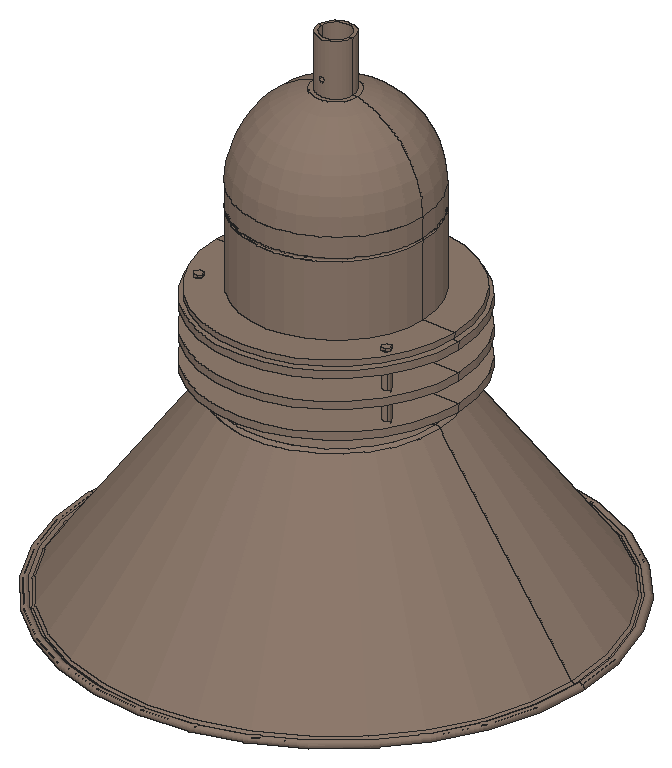
Revit family "BVA2407", category Generic Models, Revit 2014
Parameters
  GLASS = Glass
  DETAIL = Bronze, Architectural
  BELL = Bronze, Architectural
Reference planes (in)
  plane 1 "Center (Front/Back)": y = 0
  plane 2: z = 0
  plane 3 "Center (Left/Right)": x = 0
Forms (in)
  Revolve 1, solid, material "Bronze, Architectural" <- "BELL"
    sketch origin (0, 0, 2.58382) x (1, 0, 0) y (0, 0, 1)
      loop
        line (-0.69, 19.49004) -> (-1.0625, 19.49004)
        arc (-1.0625, 19.49004) -> (-3.35992, 17.97758) -> (-4.25, 15.375) r 4.25
        line (-4.25, 15.375) -> (-4.25, 14.4375)
        arc (-4.25, 14.4375) -> (-4.21143, 14.375) -> (-4.25, 14.3125) r 0.06992
        line (-4.25, 14.3125) -> (-4.25, 10.875) -> (-4.125, 10.875) -> (-4.125, 14.2586)
        arc (-4.125, 14.2586) -> (-4.08643, 14.375) -> (-4.125, 14.4914) r 0.19492
        line (-4.125, 14.4914) -> (-4.125, 15.375)
        arc (-4.125, 15.375) -> (-3.26592, 17.8948) -> (-1.0465, 19.36504) r 4.125
        line (-1.0465, 19.36504) -> (-0.69, 19.36504) -> (-0.69, 19.49004)
      axis (0, 19.49004) -> (0, 10.875)
    angle from 0 to 360
  Revolve 2, solid, material "Bronze, Architectural" <- "BELL"
    sketch origin (0, 0, 2.58382) x (1, 0, 0) y (0, 0, 1)
      loop
        line (-4.125, 10.875) -> (-5.8125, 10.875) -> (-5.8125, 10.625) -> (-4.125, 10.625) -> (-4.125, 10.875)
      axis (0, 10.875) -> (0, 10.625)
    angle from 0 to 360
  Revolve 3, solid, material "Bronze, Architectural" <- "DETAIL"
    sketch origin (0, 0, 2.58382) x (1, 0, 0) y (0, 0, 1)
      loop
        line (-4.02812, 10.53125) -> (-6, 10.53125) -> (-6, 10.1875) -> (-4.02812, 10.1875) -> (-4.02812, 10.53125)
      loop
        line (-4.02812, 9.1875) -> (-6, 9.1875) -> (-6, 8.84375) -> (-4.02812, 8.84375) -> (-4.02812, 9.1875)
      loop
        line (-4.02812, 7.84375) -> (-6, 7.84375) -> (-6, 7.5) -> (-4.02812, 7.5) -> (-4.02812, 7.84375)
      axis (0, 10.53125) -> (0, 7.5)
    angle from 0 to 360
  Revolve 4, solid, material "Bronze, Architectural" <- "DETAIL"
    sketch origin (0, 0, 2.58382) x (0, -1, 0) y (0, 0, 1)
      loop
        line (-5.28051, 7.5) -> (-5.28051, 10.875) -> (-5.46801, 10.875) -> (-5.46801, 7.5) -> (-5.28051, 7.5)
      axis (-5.28051, 10.875) -> (-5.28051, 7.5)
    angle from 0 to 360
  Revolve 5, solid, material "Bronze, Architectural" <- "BELL"
    sketch origin (0, 0, 2.58382) x (1, 0, 0) y (0, 0, 1)
      loop
        line (-0.83, 21.99004) -> (-0.83, 19.49004) -> (-0.69, 19.49004) -> (-0.69, 21.99004) -> (-0.83, 21.99004)
      axis (0, 21.99004) -> (0, 19.49004)
    angle from 0 to 360
  Extrusion 6, void
    sketch origin (0, 0, 2.58382) x (1, 0, 0) y (0, 0, 1)
      loop
        circle (0, 20.24004) r 0.12446
    from -0.88595 to 0.88079
  Extrusion 7, solid, material "Bronze, Architectural" <- "DETAIL"
    sketch origin (0, 0, 2.58382) x (0, -1, 0) y (1, 0, 0)
      loop
        line (-5.09301, 0.10825) -> (-5.28051, 0.21651) -> (-5.46801, 0.10825) -> (-5.46801, -0.10825) -> (-5.28051, -0.21651) -> (-5.09301, -0.10825) -> (-5.09301, 0.10825)
    from 10.875 to 11
  Extrusion 8, solid, material "Bronze, Architectural" <- "DETAIL"
    sketch origin (0, 0, 2.58382) x (0, -1, 0) y (1, 0, 0)
      loop
        line (-5.09301, 0.10825) -> (-5.28051, 0.21651) -> (-5.46801, 0.10825) -> (-5.46801, -0.10825) -> (-5.28051, -0.21651) -> (-5.09301, -0.10825) -> (-5.09301, 0.10825)
    from 7.375 to 7.5
  Revolve 9, solid, material "Bronze, Architectural" <- "DETAIL"
    sketch origin (0, 0, 2.58382) x (-0.866025, 0.5, 0) y (0, 0, 1)
      loop
        line (-5.28051, 7.5) -> (-5.28051, 10.875) -> (-5.46801, 10.875) -> (-5.46801, 7.5) -> (-5.28051, 7.5)
      axis (-5.28051, 10.875) -> (-5.28051, 7.5)
    angle from 0 to 360
  Extrusion 10, solid, material "Bronze, Architectural" <- "DETAIL"
    sketch origin (0, 0, 2.58382) x (-0.866025, 0.5, 0) y (-0.5, -0.866025, 0)
      loop
        line (-5.09301, 0.10825) -> (-5.28051, 0.21651) -> (-5.46801, 0.10825) -> (-5.46801, -0.10825) -> (-5.28051, -0.21651) -> (-5.09301, -0.10825) -> (-5.09301, 0.10825)
    from 10.875 to 11
  Extrusion 11, solid, material "Bronze, Architectural" <- "DETAIL"
    sketch origin (0, 0, 2.58382) x (-0.866025, 0.5, 0) y (-0.5, -0.866025, 0)
      loop
        line (-5.09301, 0.10825) -> (-5.28051, 0.21651) -> (-5.46801, 0.10825) -> (-5.46801, -0.10825) -> (-5.28051, -0.21651) -> (-5.09301, -0.10825) -> (-5.09301, 0.10825)
    from 7.375 to 7.5
  Revolve 12, solid, material "Bronze, Architectural" <- "DETAIL"
    sketch origin (0, 0, 2.58382) x (0.866025, 0.5, 0) y (0, 0, 1)
      loop
        line (-5.28051, 7.5) -> (-5.28051, 10.875) -> (-5.46801, 10.875) -> (-5.46801, 7.5) -> (-5.28051, 7.5)
      axis (-5.28051, 10.875) -> (-5.28051, 7.5)
    angle from 0 to 360
  Extrusion 13, solid, material "Bronze, Architectural" <- "DETAIL"
    sketch origin (0, 0, 2.58382) x (0.866025, 0.5, 0) y (-0.5, 0.866025, 0)
      loop
        line (-5.09301, 0.10825) -> (-5.28051, 0.21651) -> (-5.46801, 0.10825) -> (-5.46801, -0.10825) -> (-5.28051, -0.21651) -> (-5.09301, -0.10825) -> (-5.09301, 0.10825)
    from 10.875 to 11
  Extrusion 14, solid, material "Bronze, Architectural" <- "DETAIL"
    sketch origin (0, 0, 2.58382) x (0.866025, 0.5, 0) y (-0.5, 0.866025, 0)
      loop
        line (-5.09301, 0.10825) -> (-5.28051, 0.21651) -> (-5.46801, 0.10825) -> (-5.46801, -0.10825) -> (-5.28051, -0.21651) -> (-5.09301, -0.10825) -> (-5.09301, 0.10825)
    from 7.375 to 7.5
  Revolve 15, solid, material "Glass" <- "GLASS"
    sketch origin (0.00081, 0, 2.58386) x (1, 0, 0) y (0, 0, 1)
      loop
        line (-0.00081, 6.37497) -> (4.12419, 6.37497) -> (4.12419, 10.62497) -> (-0.00081, 10.62497) -> (-0.00081, 6.37497)
      axis (-0.00081, 10.62497) -> (-0.00081, 6.37497)
    angle from 0 to 360
  Revolve 16, solid, material "Bronze, Architectural" <- "BELL"
    sketch origin (0.00081, 0, 2.58386) x (1, 0, 0) y (0, 0, 1)
      loop
        line (2.25, 6.5) -> (2.25, 6.375) -> (4.87357, 6.375)
        arc (4.87357, 6.375) -> (4.92998, 6.36155) -> (4.97425, 6.32408) r 0.125
        line (4.97425, 6.32408) -> (11.40785, -2.4195)
        arc (11.40785, -2.4195) -> (11.4821, -2.49162) -> (11.56898, -2.54789) r 0.52882
        arc (11.56898, -2.54789) -> (11.73191, -2.60305) -> (11.90281, -2.62245) r 0.80764
        arc (11.90281, -2.62245) -> (12.04574, -2.38722) -> (11.77091, -2.37223) r 0.16042
        line (11.77091, -2.37223) -> (11.87449, -2.4422)
        arc (11.87449, -2.4422) -> (11.93517, -2.44552) -> (11.90361, -2.49745) r 0.03542
        arc (11.90361, -2.49745) -> (11.76052, -2.48135) -> (11.62399, -2.4356) r 0.68264
        arc (11.62399, -2.4356) -> (11.5605, -2.39426) -> (11.50586, -2.34178) r 0.40382
        line (11.50586, -2.34178) -> (5.07493, 6.39816)
        arc (5.07493, 6.39816) -> (4.98639, 6.47309) -> (4.87357, 6.5) r 0.25
        line (4.87357, 6.5) -> (2.25, 6.5)
      axis (0, 6.5) -> (0, -2.62245)
    angle from 0 to 360
Cuts and joins
  Extrusion 6 cuts Revolve 5
Dimensions and locks (in)
  aligned and locked: plane 2 to level
